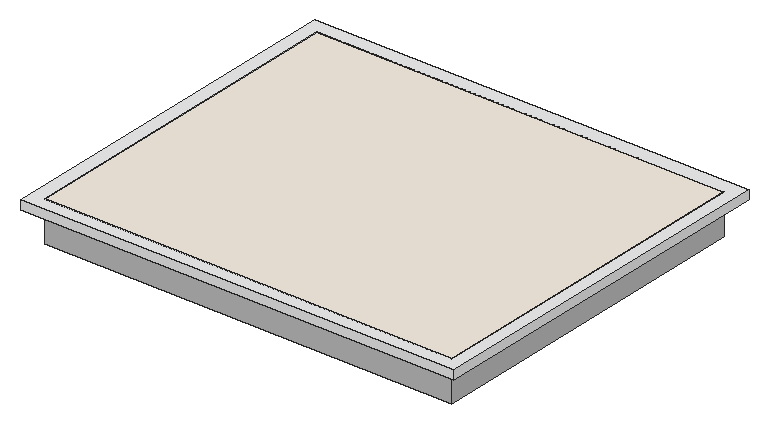
Revit family "Lighting-Industrial-GEWISS-ELIA-HL-LED_HIGHBAY", category Apparecchi per illuminazione, host Superficie, Revit 2019 (continued)
Types (12, lengths in mm): name | Weight (kg): | Weight (kg) | Voltage | Technical sheet | System power | Optic | built-in parameter 1150142 | Lumen output (lm) | Model | IDT | File diagramma fotometrico | Description
  GWF1000QM840 - ELIA HL L2 120° 4000K S.ALONE ON/OFF | "4,3" | "4,3" | "100-240 V " | "https://www.gewiss.com/ww/en/search?q=GWF1100VC867" | "200W" | "120°" | "IESNA:LM-63-1995\r\n[TEST] HB25-120-4080-120D-H00115\r\n[DATE] 27 Nov 2019\r\n[MANUFAC] GEWISS\r\n[LUMCAT] GWF1000QM840\r\n[LUMINAIRE] ELIA HL - L2 120° LED840 200W\r\n[FLASHAREA] 0.013851\r\n[LAMPCAT] LED 200W/28000lm\r\n[LAMP] LED 200W/28000lm\r\nTILT=NONE\r\n1 28000.00 1.0 181 37 1 2 -0.270 0.000 0.000\r\n1.00 1.00 200.00\r\n0.00 0.50 1.00 1.50 2.00 2.50 3.00 3.50 4.00 4.50 5.00 \r\n5.50 6.00 6.50 7.00 7.50 8.00 8.50 9.00 9.50 10.00 10.50 \r\n11.00 11.50 12.00 12.50 13.00 13.50 14.00 14.50 15.00 \r\n15.50 16.00 16.50 17.00 17.50 18.00 18.50 19.00 19.50 \r\n20.00 20.50 21.00 21.50 22.00 22.50 23.00 23.50 24.00 \r\n24.50 25.00 25.50 26.00 26.50 27.00 27.50 28.00 28.50 \r\n29.00 29.50 30.00 30.50 31.00 31.50 32.00 32.50 33.00 \r\n33.50 34.00 34.50 35.00 35.50 36.00 36.50 37.00 37.50 \r\n38.00 38.50 39.00 39.50 40.00 40.50 41.00 41.50 42.00 \r\n42.50 43.00 43.50 44.00 44.50 45.00 45.50 46.00 46.50 \r\n47.00 47.50 48.00 48.50 49.00 49.50 50.00 50.50 51.00 \r\n51.50 52.00 52.50 53.00 53.50 54.00 54.50 55.00 55.50 \r\n56.00 56.50 57.00 57.50 58.00 58.50 59.00 59.50 60.00 \r\n60.50 61.00 61.50 62.00 62.50 63.00 63.50 64.00 64.50 \r\n65.00 65.50 66.00 66.50 67.00 67.50 68.00 68.50 69.00 \r\n69.50 70.00 70.50 71.00 71.50 72.00 72.50 73.00 73.50 \r\n74.00 74.50 75.00 75.50 76.00 76.50 77.00 77.50 78.00 \r\n78.50 79.00 79.50 80.00 80.50 81.00 81.50 82.00 82.50 \r\n83.00 83.50 84.00 84.50 85.00 85.50 86.00 86.50 87.00 \r\n87.50 88.00 88.50 89.00 89.50 90.00 \r\n0.00 2.50 5.00 7.50 10.00 12.50 15.00 17.50 20.00 22.50 \r\n25.00 27.50 30.00 32.50 35.00 37.50 40.00 42.50 45.00 \r\n47.50 50.00 52.50 55.00 57.50 60.00 62.50 65.00 67.50 \r\n70.00 72.50 75.00 77.50 80.00 82.50 85.00 87.50 90.00 \r\n8142.40 8142.40 8145.20 8145.20 8148.00 8148.00 8150.80 \r\n8153.60 8159.20 8162.00 8164.80 8170.40 8176.00 8178.80 \r\n8184.40 8190.00 8198.40 8204.00 8209.60 8218.00 8223.60 \r\n8232.00 8237.60 8246.00 8251.60 8260.00 8268.40 8274.00 \r\n8279.60 8288.00 8293.60 8302.00 8310.40 8318.80 8327.20 \r\n8338.40 8346.80 8358.00 8366.40 8377.60 8388.80 8397.20 \r\n8408.40 8419.60 8430.80 8442.00 8453.20 8464.40 8475.60 \r\n8486.80 8498.00 8509.20 8520.40 8528.80 8540.00 8551.20 \r\n8559.60 8568.00 8576.40 8584.80 8590.40 8596.00 8601.60 \r\n8607.20 8610.00 8612.80 8615.60 8615.60 8615.60 8615.60 \r\n8612.80 8607.20 8601.60 8593.20 8584.80 8573.60 8562.40 \r\n8545.60 8528.80 8512.00 8489.60 8467.20 8442.00 8416.80 \r\n8388.80 8358.00 8327.20 8293.60 8257.20 8220.80 8178.80 \r\n8136.80 8086.40 8030.40 7968.80 7898.80 7817.60 7728.00 \r\n7630.00 7520.80 7406.00 7291.20 7176.40 7061.60 6941.20 \r\n6809.60 6664.00 6498.80 6325.20 6143.20 5958.40 5770.80 \r\n5583.20 5401.20 5222.00 5048.40 4877.60 4706.80 4538.80 \r\n4376.40 4216.80 4057.20 3900.40 3749.20 3600.80 3452.40 \r\n3309.60 3172.40 3038.00 2906.40 2779.00 2653.00 2530.64 \r\n2414.16 2301.04 2187.08 2076.48 1973.44 1874.32 1776.04 \r\n1679.16 1582.28 1487.64 1396.36 1309.56 1229.76 1154.44 \r\n1081.08 1010.80 945.28 882.84 823.20 766.36 712.04 659.96 \r\n611.24 564.20 517.16 472.08 430.08 390.04 351.12 314.72 \r\n282.24 252.39 223.08 195.36 169.82 145.99 123.68 102.84 \r\n83.24 65.60 50.76 38.11 27.21 18.58 12.77 9.31 7.90 8.64 \r\n8142.40 8142.40 8145.20 8145.20 8148.00 8148.00 8150.80 \r\n8153.60 8159.20 8162.00 8164.80 8170.40 8176.00 8178.80 \r\n8184.40 8190.00 8195.60 8204.00 8209.60 8216.60 8223.60 \r\n8232.00 8239.00 8246.00 8253.00 8260.00 8267.00 8274.00 \r\n8281.00 8288.00 8295.00 8302.00 8310.40 8318.80 8327.20 \r\n8338.40 8346.80 8358.00 8366.40 8377.60 8388.80 8400.00 \r\n8411.20 8421.00 8430.80 8442.00 8453.20 8464.40 8475.60 \r\n8486.80 8498.00 8509.20 8520.40 8530.20 8541.40 8551.20 \r\n8561.00 8569.40 8577.80 8586.20 8591.80 8598.80 8604.40 \r\n8608.60 8612.80 8615.60 8617.00 8618.40 8617.00 8617.00 \r\n8614.20 8610.00 8604.40 8596.00 8586.20 8576.40 8563.80 \r\n8548.40 8531.60 8513.40 8493.80 8471.40 8447.60 8419.60 \r\n8391.60 8363.60 8332.80 8299.20 8262.80 8223.60 8184.40 \r\n8139.60 8090.60 8034.60 7973.00 7901.60 7823.20 7735.00 \r\n7637.00 7527.80 7414.40 7299.60 7182.00 7067.20 6945.40 \r\n6813.80 6669.60 6505.80 6329.40 6147.40 5962.60 5775.00 \r\n5587.40 5405.40 5227.60 5052.60 4881.80 4711.00 4544.40 \r\n4380.60 4221.00 4062.80 3907.40 3753.40 3603.60 3458.00 \r\n3315.20 3176.60 3039.40 2907.80 2780.68 2654.96 2532.74 \r\n2416.54 2303.14 2189.32 2078.72 1975.26 1875.16 1776.60 \r\n1679.02 1582.14 1487.22 1395.80 1308.86 1228.64 1152.76 \r\n1079.54 1009.68 944.30 882.42 822.92 766.08 712.04 660.38 \r\n611.38 564.20 517.30 472.22 429.94 389.90 350.84 314.44 \r\n281.96 251.86 222.77 195.30 169.69 145.80 123.52 102.77 \r\n83.23 65.65 50.82 38.19 27.29 18.65 12.89 9.47 8.02 8.67 \r\n8142.40 8142.40 8143.80 8145.20 8148.00 8148.00 8150.80 \r\n8153.60 8157.80 8162.00 8164.80 8170.40 8174.60 8178.80 \r\n8184.40 8190.00 8195.60 8204.00 8209.60 8216.60 8223.60 \r\n8230.60 8239.00 8246.00 8253.00 8261.40 8267.00 8275.40 \r\n8281.00 8289.40 8295.00 8303.40 8311.80 8318.80 8328.60 \r\n8338.40 8349.60 8358.00 8369.20 8377.60 8388.80 8400.00 \r\n8411.20 8422.40 8433.60 8444.80 8456.00 8467.20 8477.00 \r\n8488.20 8499.40 8510.60 8521.80 8531.60 8541.40 8552.60 \r\n8561.00 8570.80 8579.20 8587.60 8593.20 8601.60 8605.80 \r\n8610.00 8614.20 8617.00 8619.80 8619.80 8619.80 8618.40 \r\n8615.60 8611.40 8605.80 8598.80 8589.00 8579.20 8566.60 \r\n8551.20 8535.80 8516.20 8496.60 8474.20 8450.40 8423.80 \r\n8395.80 8366.40 8335.60 8302.00 8265.60 8229.20 8187.20 \r\n8143.80 8093.40 8037.40 7974.40 7904.40 7827.40 7740.60 \r\n7644.00 7534.80 7421.40 7305.20 7187.60 7072.80 6949.60 \r\n6818.00 6672.40 6510.00 6333.60 6151.60 5965.40 5777.80 \r\n5591.60 5409.60 5230.40 5055.40 4884.60 4713.80 4548.60 \r\n4384.80 4226.60 4067.00 3911.60 3757.60 3607.80 3462.20 \r\n3319.40 3179.40 3042.20 2909.20 2781.52 2655.80 2534.14 \r\n2417.94 2304.54 2190.72 2079.84 1975.82 1875.30 1776.18 \r\n1678.46 1581.16 1486.24 1394.68 1307.60 1226.82 1150.66 \r\n1077.44 1008.00 943.04 881.58 822.22 765.66 711.76 660.24 \r\n611.24 563.92 517.02 471.94 429.52 389.48 350.42 313.88 \r\n281.40 251.17 222.29 195.03 169.41 145.45 123.24 102.59 \r\n83.15 65.62 50.83 38.22 27.33 18.73 13.01 9.61 8.13 8.69 \r\n8142.40 8142.40 8142.40 8145.20 8146.60 8148.00 8150.80 \r\n8153.60 8157.80 8160.60 8164.80 8169.00 8174.60 8178.80 \r\n8184.40 8190.00 8195.60 8202.60 8209.60 8216.60 8223.60 \r\n8230.60 8239.00 8246.00 8253.00 8260.00 8268.40 8274.00 \r\n8282.40 8289.40 8296.40 8303.40 8311.80 8320.20 8330.00 \r\n8338.40 8349.60 8358.00 8369.20 8380.40 8390.20 8401.40 \r\n8411.20 8422.40 8433.60 8444.80 8456.00 8467.20 8478.40 \r\n8488.20 8499.40 8510.60 8521.80 8531.60 8542.80 8554.00 \r\n8562.40 8572.20 8580.60 8589.00 8596.00 8603.00 8608.60 \r\n8612.80 8617.00 8619.80 8621.20 8622.60 8622.60 8621.20 \r\n8618.40 8614.20 8608.60 8601.60 8591.80 8582.00 8568.00 \r\n8554.00 8537.20 8519.00 8499.40 8477.00 8453.20 8426.60 \r\n8398.60 8370.60 8339.80 8304.80 8268.40 8232.00 8190.00 \r\n8146.60 8097.60 8040.20 7977.20 7908.60 7831.60 7744.80 \r\n7648.20 7540.40 7427.00 7310.80 7193.20 7075.60 6952.40 \r\n6820.80 6676.60 6511.40 6336.40 6154.40 5966.80 5780.60 \r\n5593.00 5411.00 5231.80 5056.80 4886.00 4718.00 4552.80 \r\n4389.00 4229.40 4071.20 3914.40 3761.80 3609.20 3463.60 \r\n3320.80 3180.80 3043.60 2910.60 2781.52 2656.08 2534.70 \r\n2418.50 2305.10 2191.14 2080.40 1975.82 1874.74 1775.06 \r\n1677.06 1579.62 1484.70 1393.14 1305.92 1224.86 1148.14 \r\n1075.20 1006.18 941.50 880.32 821.24 764.68 710.92 659.82 \r\n610.68 563.22 516.46 471.38 429.10 388.92 349.86 313.32 \r\n280.64 250.40 221.68 194.61 168.98 144.98 122.85 102.33 \r\n82.98 65.52 50.78 38.19 27.35 18.79 13.12 9.74 8.23 8.71 \r\n8142.40 8142.40 8142.40 8145.20 8146.60 8148.00 8150.80 \r\n8153.60 8157.80 8160.60 8164.80 8169.00 8174.60 8178.80 \r\n8184.40 8190.00 8195.60 8202.60 8209.60 8216.60 8225.00 \r\n8230.60 8239.00 8246.00 8254.40 8260.00 8268.40 8274.00 \r\n8282.40 8290.80 8296.40 8304.80 8311.80 8320.20 8330.00 \r\n8339.80 8349.60 8360.80 8369.20 8380.40 8390.20 8401.40 \r\n8412.60 8423.80 8435.00 8446.20 8456.00 8467.20 8478.40 \r\n8489.60 8500.80 8512.00 8523.20 8534.40 8544.20 8555.40 \r\n8563.80 8575.00 8583.40 8590.40 8597.40 8604.40 8610.00 \r\n8615.60 8618.40 8621.20 8624.00 8624.00 8624.00 8624.00 \r\n8621.20 8617.00 8611.40 8604.40 8594.60 8583.40 8570.80 \r\n8555.40 8538.60 8521.80 8500.80 8479.80 8456.00 8430.80 \r\n8402.80 8373.40 8342.60 8309.00 8272.60 8234.80 8194.20 \r\n8149.40 8099.00 8043.00 7980.00 7911.40 7834.40 7749.00 \r\n7652.40 7546.00 7432.60 7315.00 7197.40 7077.00 6953.80 \r\n6820.80 6676.60 6514.20 6339.20 6155.80 5968.20 5780.60 \r\n5594.40 5411.00 5233.20 5058.20 4887.40 4719.40 4555.60 \r\n4391.80 4232.20 4072.60 3917.20 3761.80 3612.00 3465.00 \r\n3322.20 3182.20 3045.00 2910.60 2781.10 2655.66 2534.70 \r\n2418.36 2304.82 2191.00 2079.84 1975.12 1873.62 1773.38 \r\n1675.24 1577.80 1482.88 1391.32 1303.96 1222.48 1145.62 \r\n1072.82 1003.94 939.68 878.78 819.84 763.56 710.08 658.98 \r\n609.98 562.38 515.62 470.54 428.40 388.22 349.16 312.48 \r\n279.78 249.56 220.96 194.04 168.43 144.45 122.40 101.96 \r\n82.74 65.41 50.68 38.12 27.34 18.85 13.23 9.87 8.31 8.72 \r\n8142.40 8142.40 8142.40 8145.20 8146.60 8148.00 8150.80 \r\n8155.00 8157.80 8160.60 8164.80 8169.00 8174.60 8178.80 \r\n8184.40 8190.00 8195.60 8201.20 8209.60 8216.60 8225.00 \r\n8230.60 8239.00 8246.00 8254.40 8261.40 8268.40 8275.40 \r\n8282.40 8290.80 8297.80 8304.80 8313.20 8323.00 8331.40 \r\n8341.20 8351.00 8360.80 8372.00 8381.80 8393.00 8402.80 \r\n8412.60 8423.80 8435.00 8446.20 8457.40 8468.60 8479.80 \r\n8491.00 8502.20 8512.00 8524.60 8535.80 8545.60 8555.40 \r\n8566.60 8575.00 8584.80 8593.20 8598.80 8607.20 8612.80 \r\n8617.00 8621.20 8625.40 8625.40 8628.20 8628.20 8625.40 \r\n8622.60 8619.80 8614.20 8605.80 8597.40 8586.20 8573.60 \r\n8558.20 8542.80 8523.20 8503.60 8482.60 8458.80 8432.20 \r\n8404.20 8376.20 8345.40 8310.40 8274.00 8237.60 8197.00 \r\n8150.80 8101.80 8044.40 7981.40 7914.20 7837.20 7751.80 \r\n7655.20 7550.20 7436.80 7319.20 7198.80 7079.80 6955.20 \r\n6822.20 6676.60 6514.20 6339.20 6155.80 5968.20 5780.60 \r\n5594.40 5412.40 5233.20 5058.20 4887.40 4720.80 4558.40 \r\n4394.60 4232.20 4074.00 3920.00 3764.60 3612.00 3466.40 \r\n3325.00 3183.60 3045.00 2910.60 2780.26 2654.96 2534.14 \r\n2417.94 2304.12 2190.16 2079.00 1973.72 1871.80 1771.56 \r\n1673.00 1575.56 1480.64 1389.22 1301.72 1219.96 1142.96 \r\n1070.30 1001.70 937.72 877.10 818.30 762.16 708.96 658.00 \r\n608.72 561.12 514.64 469.70 427.56 387.38 348.32 311.64 \r\n278.89 248.70 220.19 193.38 167.80 143.85 121.88 101.56 \r\n82.46 65.25 50.55 38.01 27.31 18.90 13.33 9.98 8.39 8.72 \r\n8142.40 8142.40 8142.40 8145.20 8146.60 8148.00 8150.80 \r\n8155.00 8157.80 8160.60 8163.40 8169.00 8174.60 8178.80 \r\n8184.40 8190.00 8195.60 8201.20 8209.60 8216.60 8223.60 \r\n8230.60 8239.00 8246.00 8254.40 8261.40 8268.40 8275.40 \r\n8283.80 8290.80 8299.20 8306.20 8314.60 8323.00 8332.80 \r\n8341.20 8352.40 8362.20 8372.00 8383.20 8393.00 8404.20 \r\n8415.40 8426.60 8437.80 8447.60 8458.80 8470.00 8481.20 \r\n8491.00 8502.20 8514.80 8524.60 8535.80 8547.00 8558.20 \r\n8568.00 8576.40 8586.20 8594.60 8601.60 8608.60 8614.20 \r\n8619.80 8622.60 8626.80 8628.20 8631.00 8629.60 8628.20 \r\n8625.40 8621.20 8615.60 8608.60 8600.20 8589.00 8576.40 \r\n8561.00 8545.60 8526.00 8506.40 8485.40 8461.60 8435.00 \r\n8408.40 8379.00 8346.80 8313.20 8276.80 8239.00 8198.40 \r\n8155.00 8103.20 8045.80 7982.80 7915.60 7840.00 7754.60 \r\n7659.40 7553.00 7438.20 7322.00 7201.60 7079.80 6955.20 \r\n6822.20 6676.60 6514.20 6339.20 6155.80 5966.80 5780.60 \r\n5593.00 5411.00 5233.20 5058.20 4887.40 4722.20 4559.80 \r\n4396.00 4233.60 4076.80 3920.00 3764.60 3613.40 3467.80 \r\n3325.00 3183.60 3045.00 2910.60 2779.00 2653.98 2533.30 \r\n2416.96 2302.86 2188.90 2077.60 1972.04 1869.84 1769.32 \r\n1670.62 1573.18 1478.40 1386.98 1299.48 1217.58 1140.16 \r\n1067.64 999.46 935.62 875.28 816.62 760.62 707.56 656.88 \r\n607.46 559.86 513.38 468.86 426.72 386.54 347.48 310.80 \r\n278.03 247.81 219.41 192.68 167.15 143.23 121.34 101.12 \r\n82.17 65.07 50.41 37.88 27.28 18.96 13.43 10.09 8.47 8.71 \r\n8142.40 8142.40 8142.40 8145.20 8146.60 8148.00 8150.80 \r\n8155.00 8157.80 8160.60 8163.40 8169.00 8174.60 8177.40 \r\n8183.00 8190.00 8195.60 8201.20 8209.60 8216.60 8223.60 \r\n8232.00 8239.00 8246.00 8254.40 8261.40 8269.80 8275.40 \r\n8283.80 8292.20 8299.20 8307.60 8314.60 8324.40 8332.80 \r\n8344.00 8352.40 8363.60 8373.40 8384.60 8394.40 8405.60 \r\n8415.40 8426.60 8437.80 8449.00 8460.20 8470.00 8481.20 \r\n8493.80 8503.60 8514.80 8527.40 8538.60 8548.40 8559.60 \r\n8568.00 8579.20 8587.60 8596.00 8604.40 8611.40 8617.00 \r\n8622.60 8626.80 8629.60 8632.40 8632.40 8632.40 8631.00 \r\n8628.20 8624.00 8618.40 8611.40 8601.60 8590.40 8579.20 \r\n8562.40 8547.00 8527.40 8509.20 8486.80 8464.40 8439.20 \r\n8411.20 8381.80 8351.00 8316.00 8279.60 8241.80 8199.80 \r\n8156.40 8104.60 8047.20 7984.20 7915.60 7841.40 7756.00 \r\n7660.80 7555.80 7442.40 7324.80 7203.00 7081.20 6955.20 \r\n6820.80 6675.20 6512.80 6337.80 6154.40 5965.40 5779.20 \r\n5591.60 5411.00 5231.80 5056.80 4887.40 4722.20 4559.80 \r\n4396.00 4233.60 4076.80 3921.40 3766.00 3613.40 3467.80 \r\n3325.00 3183.60 3045.00 2909.20 2777.74 2652.72 2532.32 \r\n2415.56 2301.18 2187.22 2075.92 1970.22 1867.74 1767.08 \r\n1668.24 1570.80 1476.16 1384.74 1297.38 1215.20 1137.64 \r\n1065.12 997.08 933.66 873.32 814.94 758.94 706.16 655.62 \r\n606.20 558.46 512.12 467.88 425.88 385.56 346.64 309.96 \r\n277.16 246.99 218.61 191.94 166.47 142.63 120.82 100.69 \r\n81.87 64.90 50.25 37.74 27.23 19.01 13.53 10.20 8.54 8.71 \r\n8142.40 8142.40 8142.40 8145.20 8146.60 8148.00 8150.80 \r\n8155.00 8157.80 8160.60 8163.40 8169.00 8173.20 8177.40 \r\n8183.00 8188.60 8195.60 8201.20 8209.60 8216.60 8223.60 \r\n8232.00 8240.40 8247.40 8255.80 8261.40 8269.80 8276.80 \r\n8283.80 8292.20 8300.60 8307.60 8316.00 8325.80 8335.60 \r\n8344.00 8353.80 8365.00 8376.20 8386.00 8395.80 8405.60 \r\n8416.80 8428.00 8439.20 8450.40 8461.60 8472.80 8484.00 \r\n8493.80 8505.00 8516.20 8527.40 8538.60 8549.80 8559.60 \r\n8570.80 8580.60 8590.40 8598.80 8605.80 8614.20 8619.80 \r\n8624.00 8628.20 8632.40 8635.20 8635.20 8635.20 8633.80 \r\n8631.00 8626.80 8621.20 8612.80 8604.40 8593.20 8580.60 \r\n8565.20 8549.80 8530.20 8512.00 8489.60 8467.20 8440.60 \r\n8412.60 8383.20 8351.00 8316.00 8281.00 8241.80 8202.60 \r\n8156.40 8106.00 8048.60 7984.20 7917.00 7842.80 7757.40 \r\n7662.20 7557.20 7445.20 7326.20 7204.40 7081.20 6953.80 \r\n6819.40 6673.80 6511.40 6336.40 6153.00 5964.00 5776.40 \r\n5590.20 5409.60 5229.00 5055.40 4884.60 4720.80 4561.20 \r\n4397.40 4233.60 4075.40 3921.40 3766.00 3613.40 3467.80 \r\n3326.40 3183.60 3045.00 2909.20 2776.48 2651.46 2531.20 \r\n2414.16 2299.50 2185.40 2074.10 1968.40 1865.64 1764.70 \r\n1665.86 1568.56 1473.92 1382.64 1295.28 1212.82 1135.26 \r\n1062.74 994.98 931.70 871.50 813.26 757.40 704.76 654.22 \r\n604.94 557.06 511.14 466.90 424.90 384.72 345.80 309.12 \r\n276.37 246.22 217.85 191.23 165.83 142.06 120.30 100.25 \r\n81.58 64.72 50.09 37.59 27.18 19.07 13.63 10.30 8.60 8.70 \r\n8142.40 8142.40 8142.40 8145.20 8146.60 8148.00 8150.80 \r\n8153.60 8156.40 8160.60 8163.40 8169.00 8173.20 8177.40 \r\n8183.00 8188.60 8195.60 8201.20 8209.60 8216.60 8223.60 \r\n8232.00 8240.40 8247.40 8255.80 8261.40 8269.80 8278.20 \r\n8285.20 8292.20 8300.60 8310.40 8317.40 8325.80 8335.60 \r\n8345.40 8356.60 8365.00 8376.20 8387.40 8397.20 8408.40 \r\n8418.20 8428.00 8440.60 8451.80 8463.00 8472.80 8484.00 \r\n8495.20 8506.40 8517.60 8530.20 8540.00 8551.20 8562.40 \r\n8573.60 8582.00 8591.80 8600.20 8608.60 8615.60 8622.60 \r\n8626.80 8631.00 8635.20 8636.60 8638.00 8638.00 8635.20 \r\n8632.40 8629.60 8624.00 8615.60 8607.20 8596.00 8582.00 \r\n8568.00 8551.20 8533.00 8512.00 8492.40 8468.60 8442.00 \r\n8415.40 8384.60 8353.80 8318.80 8281.00 8244.60 8204.00 \r\n8157.80 8106.00 8048.60 7985.60 7918.40 7844.20 7758.80 \r\n7665.00 7560.00 7445.20 7326.20 7204.40 7081.20 6953.80 \r\n6818.00 6671.00 6507.20 6333.60 6150.20 5962.60 5775.00 \r\n5588.80 5406.80 5229.00 5054.00 488
